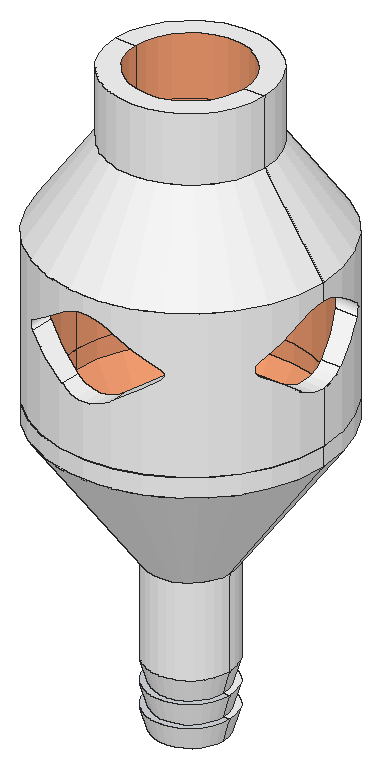
Revit family "Arboles UK - 900100-W Anti-Siphon Nozzle", category Plumbing Fixtures, Revit 2015
Parameters (values of type "900100-W")
  URL = "www.arboles.co.uk"
  Model = "900100-W"
  Material = "All brass construction"
  Manufacturer = "Arboles UK Ltd, Tel: 01204 388814"
  Description = "Anti-Siphon Nozzle."
  Connection = "1/2\" BSP female"
  Colour = "Plastic coated white (RAL 9016)"
  Approval = "WRAS, AUK3 CAT 5, Cert No 1601026"
Reference planes
  plane 1 "Center (Front/Back)": y = 0
  plane 2: z = 0
  plane 3 "Center (Left/Right)": x = 0
Dimensions and locks
  aligned and locked: level to plane 2
Nested families
  nested 1: "900100b" at (0.707, 0, -56.133), type "900100b"
  nested 2: "900100a" at (0.7, 0, -0.04), type "900100a"
Definition of nested family "900100b"
  Reference planes
    plane 1 "Center (Front/Back)": y = 0
    plane 2: z = 0
    plane 3 "Center (Left/Right)": x = 0
  Forms (mm)
    Revolve 1, solid
      sketch origin (0, 0, 0) x (1, 0, 0) y (0, 0, 1)
        loop
          line (25, 56) -> (0, 56) -> (0, 0) -> (6.28, 0) -> (7.5, 4) -> (6.276, 4) -> (7.5, 8.014) -> (6.272, 8.014) -> (7.5, 12.042) -> (7.5, 28.5) -> (25, 52.587) -> (25, 56)
        axis (0, 56) -> (0, 0)
      angle from 0 to 360
    Revolve 2, void
      sketch origin (0, 0, 0) x (1, 0, 0) y (0, 0, 1)
        loop
          line (0, 56) -> (0, 0) -> (4.732, 0) -> (4.732, 28.5) -> (21.598, 52.587) -> (21.598, 56) -> (0, 56)
        axis (0, 56) -> (0, 0)
      angle from 0 to 360
  Cuts and joins
    Revolve 2 cuts Revolve 1
  Dimensions and locks
    aligned and locked: level to plane 2
Definition of nested family "900100a"
  Reference planes
    plane 1 "Center (Front/Back)": y = 0
    plane 2: z = 0
    plane 3 "Center (Left/Right)": x = 0
  Forms (mm)
    Revolve 1, solid
      sketch origin (0, 0, 0) x (1, 0, 0) y (0, 0, 1)
        loop
          line (0, 0) -> (25, 0) -> (25, 27.5) -> (14, 43) -> (14, 55) -> (0, 55) -> (0, 0)
        axis (0, 55) -> (0, 0)
      angle from 0 to 360
    Extrusion 2, void
      sketch origin (0, 0, 0) x (1, 0, 0) y (0, 0, 1)
        loop
          arc (-12.099, 17.795) -> (-12.517, 16.997) -> (-12.093, 16.202) r 0.963
          line (-12.093, 16.202) -> (-4.466, 11.058)
          arc (-4.466, 11.058) -> (0.095, 9.673) -> (4.646, 11.091) r 8.103
          line (4.646, 11.091) -> (12.096, 16.197)
          arc (12.096, 16.197) -> (12.52, 17) -> (12.096, 17.803) r 0.973
          line (12.096, 17.803) -> (4.336, 23.12)
          arc (4.336, 23.12) -> (0.008, 24.461) -> (-4.321, 23.121) r 7.66
          line (-4.321, 23.121) -> (-12.099, 17.795)
      from -52.576 to 60
    Revolve 3, void
      sketch origin (0, 0, 0) x (1, 0, 0) y (0, 0, 1)
        loop
          line (0, 0) -> (21.41, 0) -> (21.41, 27.5) -> (11.217, 41.53) -> (0, 41.53) -> (0, 0)
        axis (0, 41.53) -> (0, 0)
      angle from 0 to 360
    Revolve 4, void
      sketch origin (0, 0, 0) x (1, 0, 0) y (0, 0, 1)
        loop
          line (0, 55) -> (0, 36) -> (2.322, 36) -> (2.322, 44.1) -> (10.228, 44.1) -> (10.228, 55) -> (0, 55)
        axis (0, 55) -> (0, 36)
      angle from 0 to 360
    Extrusion 5, void
      sketch origin (0, 0, 0) x (0, 1, 0) y (0, 0, 1)
        loop
          line (11.463, 18.197) -> (4.551, 22.972)
          arc (4.551, 22.972) -> (0.027, 24.388) -> (-4.503, 22.994) r 7.994
          line (-4.503, 22.994) -> (-11.495, 18.215)
          arc (-11.495, 18.215) -> (-12.136, 17) -> (-11.497, 15.786) r 1.472
          line (-11.497, 15.786) -> (-4.666, 11.106)
          arc (-4.666, 11.106) -> (-0.017, 9.664) -> (4.633, 11.1) r 8.233
          line (4.633, 11.1) -> (11.457, 15.765)
          arc (11.457, 15.765) -> (12.1, 16.979) -> (11.463, 18.197) r 1.476
      from -34.304 to 30
  Cuts and joins
    Extrusion 2, Revolve 3, Revolve 4, Extrusion 5 cuts Revolve 1
  Lines and regions (mm)
    reference lines
      curve 1: line (0, 0, 55) -> (0, 0, 17)
      curve 2: line (0, 0, 17) -> (12.5, 0, 17)
  Dimensions and locks
    aligned and locked: level to plane 2
